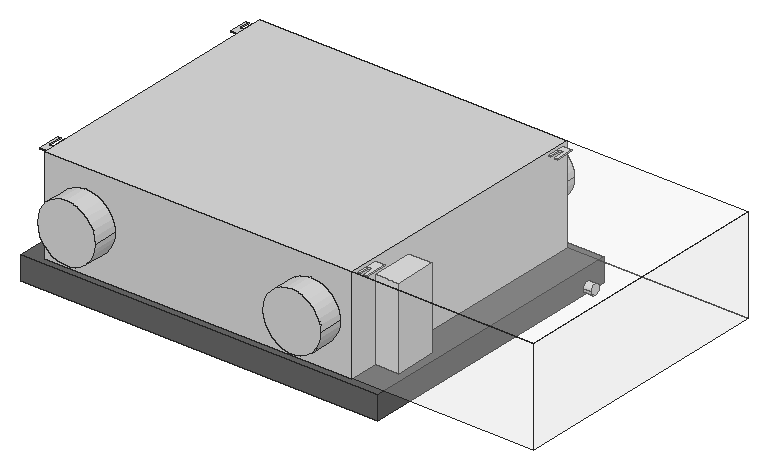
Revit family "lgh-n50_100rhw_rhp_50Hz", category 機械設備, Revit 2019
Family settings
  丸型コネクタ寸法 = 直径を使用
  パーツ タイプ = 標準
  OmniClass 番号 = 23.75.10.34.21
  OmniClass タイトル = Heat Exchangers for Ventilation Air
  作業面ベース = いいえ
  常に垂直 = はい
  ロード時にボイドで切り取り = いいえ
  共有 = いいえ
  部屋計算ポイント = はい
Parameters (values of type "LGH-N50RHP")
  騒音レベル(dB(A)) = 34
  風量 = MAX風量  # 500.0 m³/h
  面風速 = 4.42 m/s
  電源種別 [instance] = "一般"
  電圧 = 100 V
  電動機出力 = 0 W
  集中コントローラ = ""
  運転質量 = 0.00 kg
  連動 [instance] = ""
  質量 = if(製品質量 > 運転質量, 製品質量, 運転質量) * 1.2  # 50.40 kg
  負荷分類 = 3_ファン類
  説明 = "業務用ロスナイ 耐湿形"
  設計風量 = 0.0 m³/h
  設置方法 = "天井吊(隠ぺい)形"
  記号 [instance] = ""
  製造元 = "三菱電機株式会社"
  製品質量 = 42.00 kg
  製品出荷対象 = "国内"
  製品リリース年月 = "2013/7/1"
  製品グループ = ""
  系統 [instance] = ""
  符号 = "HEU"
  積算_科目 = "1 空気調和設備"
  積算_拾い区分 [instance] = ""
  相 = 1
  盤記号 [instance] = ""
  発停方法 [instance] = "別売スイッチ"
  特殊仕様 [instance] = ""
  点検口高さ = -317 mm
  点検口離隔 = 150 mm
  点検口_Width = 点検口_Depth  # 450 mm
  点検口_Depth = 450 mm
  点検口 = yes
  火災停止 [instance] = ""
  温度交換効率 = 67.00%
  消費電力_加湿器 = 0 W
  消費電力 = 227 W
  法定耐用年数 = "15"
  機外静圧_排気 = 120.0 Pa
  機外静圧 = 120.0 Pa
  極数 = 2
  材質 [instance] = ""
  本体マテリアル = ポリエステル塗装鋼板
  有効加湿量 = 3.2
  操作・制御方式 = ""
  操作・制御スイッチ = ""
  排気量 = 0.0 m³/h
  形式_加湿器 = ""
  形式 = "天井埋込ダクト形"
  幹線記号 [instance] = ""
  対象室 [instance] = ""
  実風量 = 0.0 m³/h
  始動方式 [instance] = "直入"
  天吊金具_径 = 6.5 mm
  天吊金具_幅 = 30 mm
  外気量 = 設計風量  # 0.0 m³/h
  呼称 = "全熱交換ユニット"
  周波数 = 50 Hz
  天吊金具ピッチ2 = 790 mm
  天吊金具ピッチ1 = 1048 mm
  天吊金具_高さ = 7 mm
  参照している仕様書等のバージョン = ""
  初期抵抗 = 0.0 Pa
  分類コード = "50054502100010"
  分類グループ = ""
  価格 = 656000
  企業コード = "108420"
  付属品_フィルター_還気 = ""
  付属品_フィルター = ""
  付属品 [instance] = ""
  仕様書バージョン = "Version1.0"
  モデル = "LGH-N50RHP"
  メンテナンススペース = yes
  ドレン管径 = 32 mm
  ドレン管_D = 71 mm
  ドレン管_H = 374 mm
  ドレン管_Depth = 28 mm
  ドレン皿材質 = ABS樹脂
  ドレン皿_Height = 77 mm
  コメント [instance] = ""
  Keynote = ""
  エンタルピ交換効率_暖房 = 0.00%
  エンタルピ交換効率_冷房 = 0.00%
  Assembly Code = ""
  Width = 1016 mm
  Version = ""
  Uniclass2015Version = "Systems v1.9"
  Uniclass2015Title = "Thermal wheels"
  Uniclass2015Code = "Pr_60_60_36_88"
  URL = "https://www.mitsubishielectric.co.jp/ldg/wink/ssl/displayProduct.do?pid=212042"
  SpecificationReference = ""
  SpecificationDescription = ""
  SAサイズ_W = 0 mm
  SAサイズ_D = 192 mm
  Revision = ""
  RAサイズ_W = 0 mm
  RAサイズ_D = 192 mm
  ProductInformation = ""
  OmniClassCode = "23-27 23 19 11"
  OAサイズ_W = 0 mm
  OAサイズ_D = 192 mm
  ドレン皿_Width = 1183 mm
  ドレン皿_Depth = 934 mm
  MIN風量 = 300.0 m³/h
  MIN静圧 = 45.0 Pa
  MAX風量 = 500.0 m³/h
  MAX静圧 = 120.0 Pa
  IfcTypeProduct = ""
  IfcProduct = ""
  IfcExportType = "ROTARYWHEEL"
  IfcExportAs = "IfcAirToAirHeatRecoveryType"
  Height = 317 mm
  EAサイズ_W = 0 mm
  EAサイズ_D = 192 mm
  Duct_Pitch = 745 mm
  Duct_Height = 158.5 mm
  Duct_Depth = 79 mm
  Depth = 888 mm
  Clearance Top = 0 mm
  Clearance Right = 600 mm
  Clearance Bottom = 0 mm
  Box_Depth = 136 mm
  Box_Height = 267 mm
  Box_H = 46 mm
  Box_Width = 80 mm
  Box_D = 94 mm
  Author = "三菱電機株式会社"
Types (4, lengths in mm): name | 騒音レベル(dB(A)) | 風量 | 面風速 | 質量 | 製品質量 | 点検口高さ | 消費電力 | 機外静圧_排気 | 機外静圧 | 天吊金具ピッチ2 | 天吊金具ピッチ1 | 分類コード | 価格 | モデル | ドレン管_D | ドレン管_H | エンタルピ交換効率_暖房 | エンタルピ交換効率_冷房 | Width | URL | SAサイズ_D | RAサイズ_D | OAサイズ_D | ドレン皿_Width | ドレン皿_Depth | MIN風量 | MIN静圧 | MAX風量 | MAX静圧 | Height | EAサイズ_D | Duct_Pitch | Duct_Height | Depth | Box_H | Box_D
  LGH-N50RHP | 34 | 500.0 m³/h | 4.42 m/s | 50.40 kg | 42.00 kg | -317 | 227 W | 120.0 Pa | 120.0 Pa | 790 | 1048 | "50054502100010" | 656000 | "LGH-N50RHP" | 71 | 374 | 0.00% | 0.00% | 1016 | "https://www.mitsubishielectric.co.jp/ldg/wink/ssl/displayProduct.do?pid=212042" | 192 | 192 | 192 | 1183 | 934 | 300.0 m³/h | 45.0 Pa | 500.0 m³/h | 120.0 Pa | 317 | 192 | 745 | 158.5 | 888 | 46 | 94
  LGH-N50RHW | 34 | 500.0 m³/h | 4.42 m/s | 50.40 kg | 42.00 kg | -317 | 227 W | 120.0 Pa | 120.0 Pa | 790 | 1048 | "50052504100070" | 715000 | "LGH-N50RHW" | 71 | 374 | 53.00% | 46.00% | 1016 | "https://www.mitsubishielectric.co.jp/ldg/wink/ssl/displayProduct.do?pid=212461" | 192 | 192 | 192 | 1183 | 934 | 300.0 m³/h | 45.0 Pa | 500.0 m³/h | 120.0 Pa | 317 | 192 | 745 | 158.5 | 888 | 46 | 94
  LGH-N100RHP | 37 | 1000.0 m³/h | 5.66 m/s | 99.60 kg | 83.00 kg | -398 | 490 W | 140.0 Pa | 140.0 Pa | 1030 | 1263 | "50054502100010" | 1241000 | "LGH-N100RHP" | 90 | 455 | 0.00% | 0.00% | 1231 | "https://www.mitsubishielectric.co.jp/ldg/wink/ssl/displayProduct.do?pid=212043" | 242 | 242 | 242 | 1398 | 1210 | 720.0 m³/h | 75.0 Pa | 1000.0 m³/h | 140.0 Pa | 398 | 242 | 920 | 199 | 1164 | 127 | 129
  LGH-N100RHW | 37 | 1000.0 m³/h | 5.66 m/s | 99.60 kg | 83.00 kg | -398 | 490 W | 140.0 Pa | 140.0 Pa | 1030 | 1263 | "50052504100070" | 1323000 | "LGH-N100RHW" | 90 | 455 | 55.00% | 46.00% | 1231 | "https://www.mitsubishielectric.co.jp/ldg/wink/ssl/displayProduct.do?pid=212460" | 242 | 242 | 242 | 1398 | 1210 | 720.0 m³/h | 75.0 Pa | 1000.0 m³/h | 140.0 Pa | 398 | 242 | 920 | 199 | 1164 | 127 | 129
Reference planes
  plane 1 "中心(正面/背面)": y = 0
  plane 2: z = 0
  plane 3 "中心(左/右)": x = 0
  plane 4: x = -508
  plane 5: x = 508
  plane 6: y = 444
  plane 7: y = -444
  plane 8: z = -317
  plane 9: z = -158.5
  plane 10: y = -523
  plane 11: y = 523
  plane 12: x = -372.5
  plane 13: x = 372.5
  plane 14: y = -350
  plane 15: z = -46
  plane 16: y = -214
  plane 17: z = -313
  plane 18: x = 588
  plane 19: y = 396
  plane 20: z = -374
  plane 21: x = 640
  plane 22: z = 0
  plane 23: y = 225
  plane 24: x = -524
  plane 25: x = 524
  plane 26: y = -395
  plane 27: y = 395
  plane 28: y = 300.5
  plane 29: y = -225
  plane 30: x = -540
  plane 31: x = 540
  plane 32: y = 365
  plane 33: y = 425
  plane 34: z = -7
  plane 35: z = -10
  plane 36: y = -365
  plane 37: y = -425
  plane 38: x = 1108
  plane 39: x = 658
  plane 40: z = -394
  plane 41: x = -571
  plane 42: x = 612
  plane 43: y = 467
  plane 44: y = -467
  plane 45: z = -317
Forms (mm)
  Extrusion 1, solid, material "ポリエステル塗装鋼板" <- "本体マテリアル", detail levels fine
    sketch origin (0, 0, 0) x (1, 0, 0) y (0, 1, 0)
      loop
        line (-508, 444) -> (-508, -444) -> (508, -444) -> (508, 444) -> (-508, 444)
    from 0 to -317
  Extrusion 2, solid, material "ポリエステル塗装鋼板" <- "本体マテリアル", detail levels fine
    sketch origin (0, 0, 0) x (1, 0, 0) y (0, 0, 1)
      loop
        circle (-372.5, -158.5) r 96
    from 444 to 523
  Extrusion 3, solid, material "ポリエステル塗装鋼板" <- "本体マテリアル", detail levels fine
    sketch origin (0, 0, 0) x (1, 0, 0) y (0, 0, 1)
      loop
        circle (-372.5, -158.5) r 96
    from -523 to -444
  Extrusion 4, solid, material "ポリエステル塗装鋼板" <- "本体マテリアル", detail levels fine
    sketch origin (0, 0, 0) x (1, 0, 0) y (0, 0, 1)
      loop
        circle (372.5, -158.5) r 96
    from -523 to -444
  Extrusion 5, solid, material "ポリエステル塗装鋼板" <- "本体マテリアル", detail levels fine
    sketch origin (0, 0, 0) x (0, 1, 0) y (0, 0, 1)
      loop
        line (-350, -46) -> (-350, -313) -> (-214, -313) -> (-214, -46) -> (-350, -46)
    from 588 to 508
  Extrusion 6, solid, material "ポリエステル塗装鋼板" <- "本体マテリアル", detail levels fine
    sketch origin (0, 0, 0) x (0, 1, 0) y (0, 0, 1)
      loop
        circle (396, -374) r 16
    from 640 to 612
  Extrusion 7, solid, material "ポリエステル塗装鋼板" <- "本体マテリアル", detail levels fine
    sketch origin (0, 0, 0) x (1, 0, 0) y (0, 0, 1)
      loop
        circle (372.5, -158.5) r 96
    from 444 to 523
  Extrusion 8, solid, material "ABS樹脂" <- "ドレン皿材質"
    sketch origin (0, 0, 0) x (1, 0, 0) y (0, 1, 0)
      loop
        line (-571, 467) -> (-571, -467) -> (612, -467) -> (612, 467) -> (-571, 467)
    from -394 to -317
  Extrusion 9, solid, material "ポリエステル塗装鋼板" <- "本体マテリアル"
    sketch origin (0, 0, 0) x (1, 0, 0) y (0, 1, 0)
      loop
        line (-540, 425) -> (-540, 365) -> (-508, 365) -> (-508, 425) -> (-517.5, 425) -> (-517.5, 395)
        arc (-517.5, 395) -> (-524, 388.5) -> (-530.5, 395) r 6.5
        line (-530.5, 395) -> (-530.5, 425) -> (-540, 425)
    from -10 to -7
  Extrusion 10, solid, material "ポリエステル塗装鋼板" <- "本体マテリアル"
    sketch origin (0, -700, 0) x (1, 0, 0) y (0, 1, 0)
      loop
        line (-540, 350) -> (-540, 275) -> (-508, 275) -> (-508, 350) -> (-517.5, 350) -> (-517.5, 305)
        arc (-517.5, 305) -> (-524, 298.5) -> (-530.5, 305) r 6.5
        line (-530.5, 305) -> (-530.5, 350) -> (-540, 350)
    from -10 to -7
  Extrusion 11, solid, material "ポリエステル塗装鋼板" <- "本体マテリアル"
    sketch origin (0, -700, 0) x (-1, 0, 0) y (0, -1, 0)
      loop
        line (-508, -275) -> (-517.5, -275) -> (-517.5, -305)
        arc (-517.5, -305) -> (-524, -311.5) -> (-530.5, -305) r 6.5
        line (-530.5, -305) -> (-530.5, -275) -> (-540, -275) -> (-540, -350) -> (-508, -350) -> (-508, -275)
    from -10 to -7
  Extrusion 12, solid, material "ポリエステル塗装鋼板" <- "本体マテリアル"
    sketch origin (0, 0, 0) x (-1, 0, 0) y (0, -1, 0)
      loop
        line (-508, -365) -> (-517.5, -365) -> (-517.5, -395)
        arc (-517.5, -395) -> (-524, -401.5) -> (-530.5, -395) r 6.5
        line (-530.5, -395) -> (-530.5, -365) -> (-540, -365) -> (-540, -425) -> (-508, -425) -> (-508, -365)
    from -10 to -7
Lines and regions (mm)
  Masking region 1, detail levels coarse+medium
    outline origin (0, 0, 0) x (1, 0, 0) y (0, 1, 0)
      loop
        line (-508, 444) -> (-508, -444) -> (508, -444) -> (508, 444) -> (-508, 444)
  symbolic lines, detail levels coarse+medium
    curve 1: line (-1.977, 441.477, 0) -> (-508, 0, 0)
    curve 2: line (-508, 0, 0) -> (1.977, -441.477, 0)
    curve 3: line (1.977, -441.477, 0) -> (508, 0, 0)
    curve 4: line (508, 0, 0) -> (-1.977, 441.477, 0)
Dimensions and locks
  equal spacing: plane 4, plane 3 "中心(左/右)", plane 5
  "Width": plane 4 to plane 5
  equal spacing: plane 6, plane 1 "中心(正面/背面)", plane 7
  "Depth": plane 6 to plane 7
  "Duct_Depth": plane 7 to plane 10
  "Duct_Depth": plane 6 to plane 11
  equal spacing: plane 12, plane 3 "中心(左/右)", plane 13
  "Duct_Pitch": plane 12 to plane 13
  "Box_D": plane 14 to plane 7
  "Box_Depth": plane 16 to plane 14
  "Box_Height": plane 15 to plane 17
  "Clearance Top": level to plane 22
  equal spacing: plane 24, plane 3 "中心(左/右)", plane 25
  "天吊金具ピッチ1": plane 24 to plane 25
  equal spacing: plane 27, plane 1 "中心(正面/背面)", plane 26
  "天吊金具ピッチ2": plane 27 to plane 26
  equal spacing: plane 33, plane 27, plane 32
  "天吊金具_高さ": level to plane 34
  locked: plane 34 to plane 35 at 3
  equal spacing: plane 37, plane 26, plane 36
  "Box_Width": plane 5 to plane 18
  "Clearance Right": plane 5 to plane 38
  "点検口離隔": plane 5 to plane 39
  equal spacing: plane 23, plane 1 "中心(正面/背面)", plane 29
  "点検口_Depth": plane 23 to plane 29
  "ドレン皿_Width": plane 41 to plane 42
  equal spacing: plane 43, plane 1 "中心(正面/背面)", plane 44
  "ドレン皿_Depth": plane 43 to plane 44
  "ドレン管_H": plane 20 to level
  "ドレン管_Depth": plane 42 to plane 21
  "天吊金具_幅": plane 33 to plane 27
  "天吊金具_幅": plane 36 to plane 26
  equal spacing: plane 30, plane 24, plane 4
  equal spacing: plane 5, plane 25, plane 31
  "天吊金具_径": nested 2 to Extrusion 9 sketch curve
  "天吊金具_径": plane 24 to Extrusion 10 sketch curve
  "天吊金具_径": plane 25 to Extrusion 11 sketch curve
  "天吊金具_径": plane 25 to Extrusion 12 sketch curve
  "ドレン管_D": plane 19 to plane 43
  "Box_H": level to plane 15
  "Duct_Height": level to plane 9
  "Height": level to plane 8
  "ドレン皿_Height": plane 8 to plane 40
  locked: plane 5 to plane 42 at 104
  "Clearance Bottom": plane 8 to plane 45
  "OAサイズ_D": diameter of Extrusion 3 sketch curve
  "EAサイズ_D": diameter of Extrusion 4 sketch curve
  "ドレン管径": diameter of Extrusion 6 sketch curve
  "RAサイズ_D": diameter of Extrusion 2 sketch curve
  "SAサイズ_D": diameter of Extrusion 7 sketch curve
  "天吊金具_径": radius of Extrusion 9 sketch curve
  "天吊金具_径": radius of Extrusion 10 sketch curve
  "天吊金具_径": radius of Extrusion 11 sketch curve
  "天吊金具_径": radius of Extrusion 12 sketch curve
  aligned and locked: level to plane 2
  aligned and locked: Masking region 1 to plane 7
  aligned and locked: Masking region 1 to plane 4
  aligned and locked: plane 6 to Masking region 1
  aligned and locked: plane 5 to Masking region 1
  aligned and locked: Extrusion 1 to plane 8
  aligned and locked: plane 7 to Extrusion 2
  aligned and locked: Extrusion 4 to plane 11
  aligned and locked: Extrusion 3 to plane 11
  aligned and locked: Extrusion 3 to plane 6
  aligned and locked: Extrusion 4 to plane 6
  aligned and locked: Extrusion 5 to plane 18
  aligned and locked: Extrusion 5 to plane 17
  aligned and locked: plane 14 to Extrusion 5
  aligned and locked: Extrusion 5 to plane 16
  aligned and locked: plane 15 to Extrusion 5
  aligned and locked: Extrusion 6 to plane 21
  aligned and locked: nested 1 to plane 6
  aligned and locked: nested 1 to plane 7
  aligned and locked: plane 25 to nested 2
  aligned and locked: plane 27 to nested 2
  aligned and locked: nested 2 to plane 26
  aligned and locked: plane 24 to nested 2
  aligned and locked: nested 3 to plane 23
  aligned and locked: plane 29 to nested 3
  aligned and locked: Extrusion 2 to plane 10
  aligned and locked: Extrusion 2 to Extrusion 7
  aligned and locked: Extrusion 7 to Masking region 1
  aligned and locked: Extrusion 5 to plane 5
  aligned and locked: nested 1 to plane 38
  aligned and locked: plane 5 to nested 1
  aligned and locked: nested 3 to plane 38
  aligned and locked: nested 3 to plane 39
  aligned and locked: Extrusion 8 sketch curve to plane 43
  aligned and locked: plane 41 to Extrusion 8 sketch curve
  aligned and locked: Extrusion 8 sketch curve to plane 44
  aligned and locked: plane 42 to Extrusion 8 sketch curve
  aligned and locked: Extrusion 8 to Extrusion 1
  aligned and locked: plane 8 to Extrusion 8
  aligned and locked: Extrusion 8 to plane 40
  aligned and locked: plane 42 to Extrusion 6
  aligned and locked: plane 4 to Extrusion 9 sketch curve
  aligned and locked: Extrusion 9 sketch curve to plane 32
  aligned and locked: Extrusion 9 sketch curve to plane 30
  aligned and locked: plane 33 to Extrusion 9 sketch curve  (x2)
  aligned and locked: plane 4 to Extrusion 10 sketch curve
  aligned and locked: Extrusion 10 sketch curve to plane 37
  aligned and locked: Extrusion 10 sketch curve to plane 30
  aligned and locked: plane 14 to Extrusion 10 sketch curve  (x2)
  aligned and locked: plane 31 to Extrusion 11 sketch curve
  aligned and locked: plane 14 to Extrusion 11 sketch curve
  aligned and locked: plane 5 to Extrusion 11 sketch curve
  aligned and locked: Extrusion 11 sketch curve to plane 37  (x2)
  aligned and locked: plane 31 to Extrusion 12 sketch curve
  aligned and locked: plane 33 to Extrusion 12 sketch curve
  aligned and locked: plane 5 to Extrusion 12 sketch curve
  aligned and locked: Extrusion 12 sketch curve to plane 32  (x2)
  aligned and locked: Extrusion 10 to plane 35
  aligned and locked: plane 34 to Extrusion 10
  aligned and locked: Extrusion 9 to plane 35
  aligned and locked: plane 34 to Extrusion 9
  aligned and locked: Extrusion 11 to plane 35
  aligned and locked: plane 34 to Extrusion 11
  aligned and locked: Extrusion 12 to plane 35
  aligned and locked: plane 34 to Extrusion 12
  aligned and locked: plane 22 to nested 1
  aligned and locked: plane 45 to nested 1
Automatic sketch dimensions
  plane 1 "中心(正面/背面)" to curve 1 = 0 mm
  curve 1 to plane 4 = 0 mm
  plane 1 "中心(正面/背面)" to curve 4 = 0 mm
  curve 4 to plane 5 = 0 mm
  curve 4 to plane 3 "中心(左/右)" = 1.977 mm
  plane 3 "中心(左/右)" to curve 3 = 1.977 mm
  plane 7 to curve 3 = 2.523 mm
  curve 4 to plane 6 = 2.523 mm
  Masking region 1 sketch curve to plane 4 = 0 mm
  Masking region 1 sketch curve to plane 5 = 0 mm
  Masking region 1 sketch curve to plane 7 = 0 mm
  Masking region 1 sketch curve to plane 6 = 0 mm
  Extrusion 1 sketch curve to plane 4 = 0 mm
  Extrusion 1 sketch curve to plane 5 = 0 mm
  Extrusion 1 sketch curve to plane 7 = 0 mm
  Extrusion 1 sketch curve to plane 6 = 0 mm
  Extrusion 2 sketch curve to plane 9 = 0 mm
  plane 12 to Extrusion 2 sketch curve = 0 mm
  Extrusion 3 sketch curve to plane 9 = 0 mm
  plane 12 to Extrusion 3 sketch curve = 0 mm
  Extrusion 4 sketch curve to plane 9 = 0 mm
  plane 13 to Extrusion 4 sketch curve = 0 mm
  Extrusion 5 sketch curve to plane 14 = 0 mm
  Extrusion 5 sketch curve to plane 16 = 0 mm
  Extrusion 5 sketch curve to plane 17 = 0 mm
  Extrusion 5 sketch curve to plane 15 = 0 mm
  Extrusion 6 sketch curve to plane 19 = 0 mm
  plane 20 to Extrusion 6 sketch curve = 0 mm
  Extrusion 7 sketch curve to plane 9 = 0 mm
  plane 13 to Extrusion 7 sketch curve = 0 mm
  Extrusion 9 sketch curve to plane 27 = 0 mm
  Extrusion 10 sketch curve to plane 26 = 0 mm
  Extrusion 11 sketch curve to plane 26 = 0 mm
  Extrusion 12 sketch curve to plane 27 = 0 mm
Nested families
  nested 1: "メンテナンススペース" at (808, 0, -158.5), visible <- "メンテナンススペース", type "メンテナンススペース"
    with Width 600 mm, Height 317 mm, Depth 888 mm
  nested 2: "固定点" at (-524, -395, 0), type "固定点"
    with W 1048 mm, D 790 mm
  nested 3: "点検口設置範囲" at (883, 0, -317), Width <- "点検口_Width", built-in parameter 1001364 <- "点検口高さ", visible <- "点検口", type "点検口設置範囲"
    with Width 450 mm, Depth 450 mm
Connectors
  electrical at (548, -350, -179.5), driven by "極数", driven by "負荷分類", driven by "電圧", driven by "消費電力"
    settings: on Extrusion 5, index 1, voltage 100 V, apparent load 227 VA, apparent load phase1 0 VA, apparent load phase2 0 VA, apparent load phase3 0 VA, power factor 1, load classification "3_ファン類", number of poles 2, system type 30, power factor state 1, is connector primary yes, connector utility no, sub classification motor no, connector description ""
  piping at (640, 396, -374), diameter 32, driven by "ドレン管径"
    settings: on Extrusion 6, index 5, connector inside diameter 609.6 mm, connector length 0 mm, flow factor 0, pipe flow 0.0 L/s, pressure drop 0.0 Pa, fitting loss kfactor 0, connector angle 0.00°, fixture units 0, engagement length 0 mm, angle of deflection 0.00°, flow configuration 0, flow direction 2, fitting loss method 0, system type 16, joint type 0, gender type 0, connector reference index -1, connector utility 0, adjustable connector no, is connector primary yes, connector description ""
  hvac at (-372.5, -523, -158.5), driven by "SAサイズ_D", driven by "MAX静圧", driven by "風量"
    settings: on Extrusion 2, index 6, duct flow 500.0 m³/h, flow factor 0, pres drop 120.0 Pa, loss coef 0, conn angle 0.00°, conn width 304.8 mm, conn height 304.8 mm, conn diameter 192 mm, duct sys type 2, conn prof type 0, flow config 1, flow direction 1, loss method 4, conn ref index -1, conn util no, is conn primary yes, conn desc ""
  hvac at (372.5, 523, -158.5), driven by "機外静圧_排気", driven by "排気量", driven by "EAサイズ_D"
    settings: on Extrusion 4, index 8, duct flow 0.0 m³/h, flow factor 0, pres drop 120.0 Pa, loss coef 0, conn angle 0.00°, conn width 304.8 mm, conn height 304.8 mm, conn diameter 192 mm, duct sys type 4, conn prof type 0, flow config 0, flow direction 1, loss method 4, conn ref index -1, conn util no, is conn primary no, conn desc ""
  hvac at (-372.5, 523, -158.5), driven by "機外静圧", driven by "外気量", driven by "OAサイズ_D"
    settings: on Extrusion 3, index 9, duct flow 0.0 m³/h, flow factor 0, pres drop 120.0 Pa, loss coef 0, conn angle 0.00°, conn width 304.8 mm, conn height 304.8 mm, conn diameter 192 mm, duct sys type 3, conn prof type 0, flow config 0, flow direction 2, loss method 4, conn ref index -1, conn util no, is conn primary no, conn desc ""
  hvac at (372.5, -523, -158.5), driven by "RAサイズ_D", driven by "機外静圧", driven by "風量"
    settings: on Extrusion 7, index 12, duct flow 500.0 m³/h, flow factor 0, pres drop 120.0 Pa, loss coef 0, conn angle 0.00°, conn width 304.8 mm, conn height 304.8 mm, conn diameter 192 mm, duct sys type 1, conn prof type 0, flow config 0, flow direction 2, loss method 4, conn ref index -1, conn util no, is conn primary no, conn desc ""
Definition of nested family "メンテナンススペース"
  Parameters (values of type "メンテナンススペース")
    Width [instance] = 500 mm
    Height [instance] = 500 mm
    Depth [instance] = 500 mm
  Reference planes
    plane 1 "中心(正面/背面)": y = 0
    plane 2: z = 0
    plane 3 "中心(左/右)": x = 0
    plane 4: y = -250
    plane 5: x = 250
    plane 6: y = 250
    plane 7: x = -250
    plane 8: z = 250
    plane 9: z = -250
  Forms (mm)
    Extrusion 1, solid
      sketch origin (-638.939, 0, 72.39) x (1, 0, 0) y (0, 1, 0)
        loop
          line (388.939, 250) -> (388.939, -250) -> (888.939, -250) -> (888.939, 250) -> (388.939, 250)
      from -322.39 to 177.61
  Lines and regions (mm)
    symbolic lines
      curve 1: line (-250, 0, 250) -> (250, 0, 250)
      curve 2: line (-250, 0, -250) -> (-250, 0, 250)
      curve 3: line (250, 0, -250) -> (-250, 0, -250)
      curve 4: line (250, 0, 250) -> (250, 0, -250)
      curve 5: line (0, -250, 250) -> (0, 250, 250)
      curve 6: line (0, -250, -250) -> (0, -250, 250)
      curve 7: line (0, 250, -250) -> (0, -250, -250)
      curve 8: line (0, 250, 250) -> (0, 250, -250)
      curve 9: line (-250, 250, 0) -> (250, 250, 0)
      curve 10: line (-250, -250, 0) -> (-250, 250, 0)
      curve 11: line (250, -250, 0) -> (-250, -250, 0)
      curve 12: line (250, 250, 0) -> (250, -250, 0)
  Dimensions and locks
    equal spacing: plane 7, plane 3 "中心(左/右)", plane 5
    equal spacing: plane 4, plane 1 "中心(正面/背面)", plane 6
    "Depth": plane 4 to plane 6
    "Width": plane 7 to plane 5
    equal spacing: plane 8, plane 2, plane 9
    "Height": plane 8 to plane 9
    aligned and locked: plane 9 to curve 3
    aligned and locked: plane 7 to curve 2
    aligned and locked: curve 4 to plane 5
    aligned and locked: plane 5 to Extrusion 1
    aligned and locked: Extrusion 1 to plane 7
    aligned and locked: Extrusion 1 to plane 9
    aligned and locked: plane 8 to Extrusion 1
    aligned and locked: plane 9 to curve 7
  Automatic sketch dimensions
    plane 4 to Extrusion 1 sketch curve = 0 mm
    Extrusion 1 sketch curve to plane 7 = 0 mm
    Extrusion 1 sketch curve to plane 5 = 0 mm
    plane 6 to Extrusion 1 sketch curve = 0 mm
    curve 2 to plane 8 = 0 mm
    plane 4 to curve 11 = 0 mm
    curve 11 to plane 7 = 0 mm
    curve 11 to plane 5 = 0 mm
    plane 6 to curve 10 = 0 mm
    curve 7 to plane 4 = 0 mm
    curve 7 to plane 6 = 0 mm
    curve 6 to plane 8 = 0 mm
Definition of nested family "固定点"
  Parameters (values of type "固定点")
    中心円 = 20 mm
    W [instance] = 1000 mm
    D [instance] = 1000 mm
  Reference planes
    plane 1 "中心(正面/背面)": y = 0
    plane 2: z = 0
    plane 3 "中心(左/右)": x = 0
    plane 4: x = 1000
    plane 5: y = 1000
  Lines and regions (mm)
    symbolic lines, detail levels fine
      curve 1: circle (0, 1000, 0) r 10 normal (0, 0, 1)
      curve 2: circle (0, 0, 0) r 10 normal (0, 0, 1)
      curve 3: circle (1000, 1000, 0) r 10 normal (0, 0, 1)
      curve 4: circle (1000, 0, 0) r 10 normal (0, 0, 1)
      curve 5: line (-200, 1000, 0) -> (1200, 1000, 0)
      curve 6: line (-200, 0, 0) -> (1200, 0, 0)
      curve 7: line (0, 1200, 0) -> (0, -200, 0)
      curve 8: line (1000, 1200, 0) -> (1000, -200, 0)
  Dimensions and locks
    "W": plane 3 "中心(左/右)" to plane 4
    "D": plane 1 "中心(正面/背面)" to plane 5
    "中心円": diameter of curve 1
    "中心円": diameter of curve 2
    "中心円": diameter of curve 3
    "中心円": diameter of curve 4
    aligned and locked: level to plane 2
    aligned and locked: plane 5 to curve 1
    aligned and locked: plane 3 "中心(左/右)" to curve 1
    aligned and locked: plane 3 "中心(左/右)" to curve 2
    aligned and locked: plane 1 "中心(正面/背面)" to curve 2
    aligned and locked: plane 4 to curve 3
    aligned and locked: plane 5 to curve 3
    aligned and locked: plane 1 "中心(正面/背面)" to curve 4
    aligned and locked: plane 4 to curve 4
    aligned and locked: plane 1 "中心(正面/背面)" to curve 6
    aligned and locked: curve 7 to plane 3 "中心(左/右)"
    aligned and locked: curve 8 to plane 4
  Automatic sketch dimensions
    curve 5 to plane 5 = 0 mm
    curve 6 to plane 3 "中心(左/右)" = 200 mm
    curve 5 to plane 3 "中心(左/右)" = 200 mm
    curve 4 to curve 6 = 200 mm
    curve 3 to curve 5 = 200 mm
    plane 1 "中心(正面/背面)" to curve 8 = 200 mm
    plane 1 "中心(正面/背面)" to curve 7 = 200 mm
    curve 3 to curve 8 = 200 mm
    curve 1 to curve 7 = 200 mm
Definition of nested family "点検口設置範囲"
  Parameters (values of type "点検口設置範囲")
    Width [instance] = 1000 mm
    Depth [instance] = 700 mm
  Reference planes
    plane 1 "中心(正面/背面)": y = 0
    plane 2: z = 0
    plane 3 "中心(左/右)": x = 0
    plane 4: x = -500
    plane 5: x = 500
    plane 6: y = -350
    plane 7: y = 350
  Lines and regions (mm)
    model lines
      curve 1: line (-500, 350, 0) -> (500, 350, 0)
      curve 2: line (-500, -350, 0) -> (-500, 350, 0)
      curve 3: line (500, -350, 0) -> (-500, -350, 0)
      curve 4: line (500, 350, 0) -> (500, -350, 0)
  Dimensions and locks
    "Depth": plane 7 to plane 6
    "Width": plane 4 to plane 5
    equal spacing: plane 7, plane 1 "中心(正面/背面)", plane 6
    equal spacing: plane 4, plane 3 "中心(左/右)", plane 5
    aligned and locked: level to plane 2
    aligned and locked: plane 4 to curve 2
    aligned and locked: curve 1 to plane 7
    aligned and locked: curve 4 to plane 5
    aligned and locked: plane 6 to curve 3
